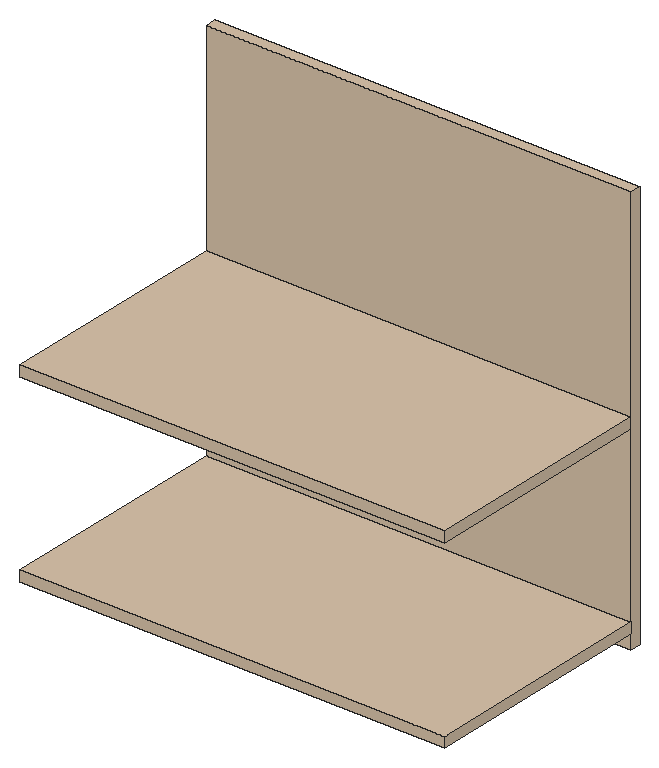
Revit family "Haworth_Masters_OpenSidedShelf", category Furniture Systems, Revit 2018
Family settings
  Round Connector Dimension = Use Diameter
  Part Type = Normal
  OmniClass Number = 23.40.70.14.64.21
  OmniClass Title = Systems Furniture
  Work Plane-Based = No
  Always vertical = Yes
  Cut with Voids When Loaded = No
  Shared = No
  Room Calculation Point = No
Parameters (values of type "30w - Two High - Legal Depth")
  Width = 30"
  Warranty = "http://www.haworth.com/resources/product-info/warranties"
  URL - Product = "http://www.haworth.com/products/desks/freestanding/masters-series"
  URL = "http://www.haworth.com/"
  Sustainability Info = "http://media.haworth.com/asset/94814/Masters%20series%20PEDS.pdf"
  Shelf Finish [instance] = Haworth _ Wood _ White Oak
  Shelf Depth = if(Legal Depth, 16 1/2", 14")  # 16 1/2"
  Shelf Control = if(One High, 2 3/4", 1 3/4")  # 1 3/4"
  Panel Finish [instance] = Haworth _ Wood _ White Oak
  One High = not(Two High)  # no
  Model = "Masters Series"
  Size = "Verify Final Dim. w/ Haworth"  # constant formula
  Revision Number = "1"  # constant formula
  Panel Depth = 3/4"  # constant formula
  Min/Max Width = "30-120 in. @ 6 in. Increments"  # constant formula
  Min/Max Height = "17 in. Single Shelf or 29 in. Double Shelf"  # constant formula
  Min. Width = 30"  # constant formula
  Max. Width = 120"  # constant formula
  Manufacturer = "Haworth"  # constant formula
  Letter Depth = not(Legal Depth)  # no
  Legal Depth = yes
  Description = "Masters Series Open Ended Shelving - Two High Legal Depth"
  Custom Size = not(or(Width = 30", Width = 36", Width = 42", Width = 48", Width = 54", Width = 60", Width = 66", Width = 72", Width = 78", Width = 84", Width = 90", Width = 96", Width = 102", Width = 108", Width = 114", Width = 120"))  # no
  Author = "SHAPE Environments, LLC"  # constant formula
  Assembly Code = "E2020500"
  Actual Width = if(Width < Min. Width, Min. Width, if(Width > Max. Width, Max. Width, Width))  # 30"
  Panel Offset [instance] = 42"
  Actual Height = if(Two High, 29", 17")  # 29"
  Two High = yes
Types (8): name | Width | Shelf Depth | Shelf Control | One High | Letter Depth | Legal Depth | Description | Actual Width | Actual Height | Two High
  30w - One High - Letter Depth | 30" | 14" | 2 3/4" | yes | yes | no | "Masters Series Open Ended Shelving - One High Letter Depth" | 30" | 17" | no
  30w - One High - Legal Depth | 30" | 16 1/2" | 2 3/4" | yes | no | yes | "Masters Series Open Ended Shelving - One High Legal Depth" | 30" | 17" | no
  30w - Two High - Letter Depth | 30" | 14" | 1 3/4" | no | yes | no | "Masters Series Open Ended Shelving" | 30" | 29" | yes
  30w - Two High - Legal Depth | 30" | 16 1/2" | 1 3/4" | no | no | yes | "Masters Series Open Ended Shelving - Two High Legal Depth" | 30" | 29" | yes
  36w - Two High - Legal Depth | 36" | 16 1/2" | 1 3/4" | no | no | yes | "Masters Series Open Ended Shelving - One High Letter Depth" | 36" | 29" | yes
  36w - Two High - Letter Depth | 36" | 14" | 1 3/4" | no | yes | no | "Masters Series Open Ended Shelving - One High Letter Depth" | 36" | 29" | yes
  36w - One High - Letter Depth | 36" | 14" | 2 3/4" | yes | yes | no | "Masters Series Open Ended Shelving - One High Letter Depth" | 36" | 17" | no
  36w - One High - Legal Depth | 36" | 16 1/2" | 2 3/4" | yes | no | yes | "Masters Series Open Ended Shelving - One High Legal Depth" | 36" | 17" | no
Reference planes (in)
  plane 1 "Center F/B": y = -0.82517
  plane 2: z = -12
  plane 3 "Center L/R": x = 0.09607
  plane 4 "Left Trim Inside": x = -14.90393
  plane 5 "Right Trim Inside": x = 15.09607
  plane 6 "Top": z = 59
  plane 7 "Panel Offset": z = 30
  plane 8 "Back": y = -0.45017
  plane 9 "panel front": y = -1.20017
  plane 10 "Front": y = -17.70017
Forms (in)
  Sweep 1, solid, material "Haworth _ Wood _ White Oak" <- "Shelf Finish"
    path origin (0, -0.82517, 0) x (1, 0, 0) y (0, 0, 1)
      loop
        line (-14.90393, 30) -> (15.09607, 30)
    profile origin (0.09607, -0.82517, 30) x (0, 0, 1) y (0, -1, 0)
      loop
        line (1, 0.375) -> (1.75, 0.375) -> (1.75, 16.875) -> (1, 16.875) -> (1, 0.375)
  Extrusion 2, solid, material "Haworth _ Wood _ White Oak" <- "Panel Finish"
    sketch origin (0, 0, 0) x (1, 0, 0) y (0, 1, 0)
      loop
        line (-14.90393, -1.20017) -> (15.09607, -1.20017) -> (15.09607, -0.45017) -> (-14.90393, -0.45017) -> (-14.90393, -1.20017)
    from 30 to 59
  Sweep 3, solid, material "Haworth _ Wood _ White Oak" <- "Shelf Finish", visible <- "Two High"
    path origin (0, -0.82517, 0) x (1, 0, 0) y (0, 0, 1)
      loop
        line (-14.90393, 42) -> (15.09607, 42)
    profile origin (0.09607, -0.82517, 42) x (0, 0, 1) y (0, -1, 0)
      loop
        line (2, 0.375) -> (2.75, 0.375) -> (2.75, 16.875) -> (2, 16.875) -> (2, 0.375)
Lines and regions (in)
  Masking region 1, not visible
    outline origin (0, 0, 0) x (1, 0, 0) y (0, 1, 0)
      loop
        line (-14.90393, -1.20017) -> (-14.90393, -17.70017) -> (15.09607, -17.70017) -> (15.09607, -1.20017) -> (-14.90393, -1.20017)
  Masking region 2
    outline origin (0, 0, 0) x (1, 0, 0) y (0, 1, 0)
      loop
        line (-14.90393, -0.45017) -> (-14.90393, -17.70017) -> (15.09607, -17.70017) -> (15.09607, -0.45017) -> (-14.90393, -0.45017)
  symbolic lines, style "Haworth"
    curve 1: line (-14.90393, -1.20017, 0) -> (15.09607, -1.20017, 0)
Dimensions and locks (in)
  equal spacing: plane 4 "Left Trim Inside", plane 3 "Center L/R", plane 5 "Right Trim Inside"
  "Actual Width": plane 4 "Left Trim Inside" to plane 5 "Right Trim Inside"
  "Actual Height": plane 6 "Top" to plane 7 "Panel Offset"
  "Panel Offset": plane 7 "Panel Offset" to plane 2
  equal spacing: plane 8 "Back", plane 1 "Center F/B", plane 9 "panel front"
  "Panel Depth": plane 8 "Back" to plane 9 "panel front"
  locked: Sweep 3 to Sweep 1 at 13
  "Shelf Depth": plane 9 "panel front" to plane 10 "Front"
  "Shelf Control": Sweep 1 to plane 7 "Panel Offset"
  aligned and locked: Sweep 1 sketch curve to plane 7 "Panel Offset"
  aligned and locked: plane 4 "Left Trim Inside" to Sweep 1 sketch curve
  aligned and locked: plane 5 "Right Trim Inside" to Sweep 1 sketch curve
  aligned and locked: plane 9 "panel front" to Sweep 1
  aligned and locked: Masking region 1 sketch curve to Sweep 1
  aligned and locked: Masking region 1 sketch curve to plane 5 "Right Trim Inside"
  aligned and locked: Masking region 1 sketch curve to plane 9 "panel front"
  aligned and locked: Masking region 1 sketch curve to plane 4 "Left Trim Inside"
  aligned and locked: Extrusion 2 sketch curve to plane 9 "panel front"
  aligned and locked: Extrusion 2 sketch curve to plane 4 "Left Trim Inside"
  aligned and locked: plane 8 "Back" to Extrusion 2 sketch curve
  aligned and locked: plane 5 "Right Trim Inside" to Extrusion 2 sketch curve
  aligned and locked: plane 6 "Top" to Extrusion 2
  aligned and locked: Extrusion 2 to plane 7 "Panel Offset"
  aligned and locked: Masking region 2 sketch curve to Sweep 1
  aligned and locked: Masking region 2 sketch curve to plane 4 "Left Trim Inside"
  aligned and locked: Masking region 2 sketch curve to plane 5 "Right Trim Inside"
  aligned and locked: Sweep 3 sketch curve to plane 10 "Front"
  aligned and locked: Sweep 3 sketch curve to plane 9 "panel front"
  aligned and locked: Sweep 1 sketch curve to plane 10 "Front"
  aligned and locked: Sweep 1 sketch curve to plane 9 "panel front"
Automatic sketch dimensions
  Sweep 3 sketch curve to plane 4 "Left Trim Inside" = 0"
  Sweep 3 sketch curve to plane 5 "Right Trim Inside" = 0"
  Sweep 3 sketch curve to plane 6 "Top" = 17"
  curve 1 to plane 4 "Left Trim Inside" = 0"
  curve 1 to plane 5 "Right Trim Inside" = 0"
  curve 1 to plane 9 "panel front" = 0"
  Sweep 1 sketch curve to profile plane = 1"
  Sweep 1 sketch curve to Sweep 1 sketch curve = 3/4"
  Sweep 3 sketch curve to profile plane = 2"
  Sweep 3 sketch curve to Sweep 3 sketch curve = 3/4"
  Masking region 2 sketch curve to plane 8 "Back" = 0"
